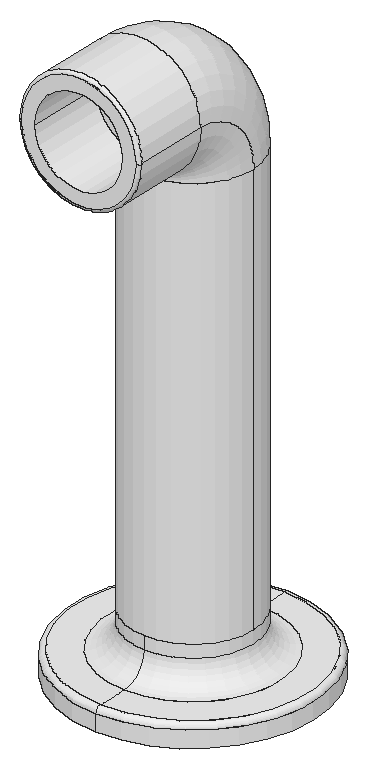
Revit family "Spout-American_Standard-Studio_S-8888_Series", category Plumbing Fixtures, host Face, Revit 2014
Parameters (values of type "8888.316")
  Width = 2 3/4"  # constant formula
  Water Connection Radius = 1/4"  # constant formula
  Water Connection Diameter = Water Connection Radius * 2  # 1/2"
  Waste Connection = yes
  Warranty Information = "Limited Lifetime Function and Finish Warranty"  # constant formula
  WFU = 4  # constant formula
  Vent Connection = no
  URL = "https://www.americanstandard-us.com/"
  Type Comments = ""
  Product Page URL = "https://www.americanstandard-us.com/bathroom/shower-faucets/studio-s-slip-on-diverter-tub-spout-32028"
  Price = "Prices may vary. Please consult Manufacturer Representative for most up-to-date price list."  # constant formula
  Pop-up handle = no
  Model = "8888.316"
  Material = "Metal-American Standard-002-Polished Chrome"
  Manufacturer = "American Standard"  # constant formula
  Length = 6 1/8"  # constant formula
  Installation Type = "Wall Mounted"  # constant formula
  HWFU = 3  # constant formula
  HW Connection = yes
  Finish = Metal-American Standard-002-Polished Chrome
  Description = "Studio S Slip-On Non-Diverter Tub Spout"
  Default Elevation = 21"  # constant formula
  Creation Date = "01/11/2018"  # constant formula
  CWFU = 3  # constant formula
  CW Connection = yes
  Assembly Code = "D2020300"
Types (5): name | Pop-up handle | Model | Description
  (no name) | no | "8888.316" | "Studio S Slip-On Non-Diverter Tub Spout"
  8888.316 | no | "8888.316" | "Studio S Slip-On Non-Diverter Tub Spout"
  8888.317 | no | "8888.317" | "Studio S Non-Diverter 1/2 IPS Tub Spout"
  8888.318 | yes | "8888.318" | "Studio S Slip-On-Diverter Tub Spout"
  8888.319 | yes | "8888.319" | "Studio S Diverter 1/2 IPS Tub Spout"
Reference planes (in)
  plane 1 "Center (Front/Back)": y = 0
  plane 2: z = 0
  plane 3 "Center (Left/Right)": x = 0
  plane 4: z = 6.125
  plane 5: y = -1.375
  plane 6: y = 1.375
Forms (in)
  Revolve 1, solid, material "Metal-American Standard-002-Polished Chrome" <- "Finish"
    sketch origin (0, 0, 0) x (0, 1, 0) y (0, 0, 1)
      loop
        line (-1.375, 0) -> (0, 0) -> (0, 0.67712) -> (-0.68766, 0.67712) -> (-0.68766, 0.5358)
        arc (-0.68766, 0.5358) -> (-0.77137, 0.33371) -> (-0.97346, 0.25) r 0.2858
        line (-0.97346, 0.25) -> (-1.3127, 0.25)
        arc (-1.3127, 0.25) -> (-1.35675, 0.23175) -> (-1.375, 0.1877) r 0.0623
        line (-1.375, 0.1877) -> (-1.375, 0)
      axis (0, 0.67712) -> (0, 0)
    angle from 0 to 360
  Sweep 2, solid, material "Metal-American Standard-002-Polished Chrome" <- "Finish"
    path origin (0, 0, 0) x (0, 1, 0) y (0, 0, 1)
      loop
        line (0, 0.67712) -> (0, 5.375)
        arc (0, 5.375) -> (-0.21967, 5.90533) -> (-0.75, 6.125) r 0.75
        line (-0.75, 6.125) -> (-1.62033, 6.125)
    profile origin (0, 0, 3.02606) x (0, -1, 0) y (1, 0, 0)
      loop
        circle (0, 0) r 0.68766
  Revolve 3, solid, material "Metal-American Standard-002-Polished Chrome" <- "Finish", visible <- "Pop-up handle"
    sketch origin (0, 22.29942, 1) x (0, 1, 0) y (0, 0, 1)
      loop
        line (-22.11317, 5.38267) -> (-22.11317, 5.125) -> (-21.1241, 5.125)
        arc (-21.1241, 5.125) -> (-21.12565, 5.24508) -> (-21.13979, 5.36434) r 1.14382
        arc (-21.13979, 5.36434) -> (-21.14732, 5.37748) -> (-21.16155, 5.38267) r 0.02208
        line (-21.16155, 5.38267) -> (-22.11317, 5.38267)
      axis (-22.11317, 5.125) -> (-21.1241, 5.125)
    angle from 0 to 360
  Sweep 4, void
    path origin (0, -1.62033, 6.125) x (1, 0, 0) y (0, 0, 1)
      loop
        circle (0, 0) r 0.68766
    profile origin (0, -1.62033, 5.43734) x (0, 0, -1) y (0, -1, 0)
      loop
        line (0, 0) -> (-0.03547, 0)
        arc (-0.03547, 0) -> (-0.01039, -0.01039) -> (0, -0.03547) r 0.03547
        line (0, -0.03547) -> (0, 0)
  Extrusion 5, void
    sketch origin (0, 0, 0) x (1, 0, 0) y (0, 0, 1)
      loop
        circle (0, 6.125) r 0.5
    from 0.76092 to 1.62033
Cuts and joins
  Sweep 4, Extrusion 5 cuts Revolve 1
  Sweep 4, Extrusion 5 cuts Sweep 2
  joined: Revolve 1, Sweep 2
Lines and regions (in)
  Masking region 1
    outline origin (0, 0, 0) x (1, 0, 0) y (0, 0, 1)
      loop
        line (1.375, 0) -> (1.375, 0.19153)
        arc (1.375, 0.19153) -> (1.35766, 0.23339) -> (1.3158, 0.25073) r 0.0592
        line (1.3158, 0.25073) -> (0.97708, 0.25073)
        arc (0.97708, 0.25073) -> (0.77391, 0.33489) -> (0.68975, 0.53806) r 0.28733
        line (0.68975, 0.53806) -> (0.68975, 6.125)
        arc (0.68975, 6.125) -> (0, 6.81475) -> (-0.68975, 6.125) r 0.68975
        line (-0.68975, 6.125) -> (-0.68975, 0.53806)
        arc (-0.68975, 0.53806) -> (-0.77391, 0.33489) -> (-0.97708, 0.25073) r 0.28733
        line (-0.97708, 0.25073) -> (-1.3158, 0.25073)
        arc (-1.3158, 0.25073) -> (-1.35766, 0.23339) -> (-1.375, 0.19153) r 0.0592
        line (-1.375, 0.19153) -> (-1.375, 0) -> (1.375, 0)
  symbolic lines, visible <- "Pop-up handle", detail levels medium+fine
    curve 1: circle (0, 0, 6.125) r 0.25 normal (0, -1, 0)
  symbolic lines, detail levels medium+fine
    curve 2: line (0.97708, 0, 0.25073) -> (-0.97708, 0, 0.25073)
Dimensions and locks (in)
  "Length": plane 2 to plane 4
  "Width": plane 6 to plane 5
  plane 1 "Center (Front/Back)" to cut or joined group of Revolve 1, Sweep 2, Sweep 4, Extrusion 5 = 1.62033"
  aligned and locked: plane 2 to host face
  aligned and locked: level to host face
  aligned and locked: Sweep 2 to Extrusion 5
Automatic sketch dimensions
  host sketch curve to host sketch curve = 96"  (x2)
  Revolve 1 sketch curve to plane 5 = 0"
  Revolve 1 sketch curve to plane 1 "Center (Front/Back)" = 0"  (x2)
  Revolve 1 sketch curve to level = 0"
  plane 5 to Revolve 1 sketch curve = 0.0623"
  plane 5 to Revolve 1 sketch curve = 0.40154"
  Revolve 1 sketch curve to Revolve 1 sketch curve = 0.2858"
  Revolve 1 sketch curve to Revolve 1 sketch curve = 0.1877"
  Revolve 1 sketch curve to Revolve 1 sketch curve = 0.14132"
  Revolve 1 sketch curve to plane 4 = 1.07908"
  Revolve 1 sketch curve to Revolve 1 sketch curve = 1/2"
  plane 4 to Sweep 2 sketch curve = 0"
  Sweep 2 sketch curve to plane 1 "Center (Front/Back)" = 0"
  plane 5 to Sweep 2 sketch curve = 5/8"
  Sweep 2 sketch curve to plane 5 = 0.24533"
  level to Sweep 2 sketch curve = 0.67712"
  Sweep 2 sketch curve to plane 3 "Center (Left/Right)" = 0"
  Sweep 2 sketch curve to profile plane = 0"
  plane 4 to Revolve 3 sketch curve = 0"  (x2)
  Revolve 3 sketch curve to plane 1 "Center (Front/Back)" = 0.03241"
  Revolve 3 sketch curve to Revolve 3 sketch curve = 0.15385"
  plane 6 to Revolve 3 sketch curve = 0.23712"
  plane 6 to Revolve 3 sketch curve = 0.19968"
  Revolve 3 sketch curve to plane 4 = 0.04527"
  Revolve 3 sketch curve to plane 4 = 0.23559"
  Revolve 3 sketch curve to plane 4 = 0.25767"
  Revolve 3 sketch curve to Revolve 3 sketch curve = 0.05313"
  Revolve 3 sketch curve to Revolve 3 sketch curve = 0.05014"
  profile plane to Sweep 4 sketch curve = 0"
  Sweep 4 sketch curve to Sweep 4 sketch curve = 0"  (x2)
  Sweep 4 sketch curve to profile plane = 0"  (x3)
  profile plane to Sweep 4 sketch curve = 0.03547"
  Extrusion 5 sketch curve to plane 3 "Center (Left/Right)" = 0"
  Extrusion 5 sketch curve to plane 4 = 0"
  Masking region 1 sketch curve to level = 0"
  Masking region 1 sketch curve to plane 4 = 0"
  Masking region 1 sketch curve to plane 3 "Center (Left/Right)" = 0"
  Masking region 1 sketch curve to Masking region 1 sketch curve = 0.68975"
  Masking region 1 sketch curve to Masking region 1 sketch curve = 0.33872"  (x2)
  Masking region 1 sketch curve to Masking region 1 sketch curve = 0.0592"  (x2)
  Masking region 1 sketch curve to Masking region 1 sketch curve = 0.28733"  (x2)
  level to Masking region 1 sketch curve = 0.19153"
  Masking region 1 sketch curve to Masking region 1 sketch curve = 0.19153"
  curve 1 to plane 3 "Center (Left/Right)" = 0"
  curve 1 to plane 4 = 0"
  level to curve 2 = 0.25073"
  curve 2 to plane 3 "Center (Left/Right)" = 0.97708"
  plane 3 "Center (Left/Right)" to curve 2 = 0.97708"
  radius of Sweep 2 sketch curve = 0.68766"
  radius of Sweep 4 sketch curve to Sweep 2 = 0"
  radius of Extrusion 5 sketch curve = 1/2"
  radius of curve 1 = 1/4"
Connectors (in)
  piping at (0, 0, 0), diameter 0.5, driven by "Water Connection Diameter"
    settings: on cut or joined group of Revolve 1, Sweep 2, Sweep 4, Extrusion 5, index 1, connector inside diameter 24", connector length 0", flow factor 0, pipe flow 0 GPM, pressure drop 0.00 psi, fitting loss kfactor 0, connector angle 0.00°, fixture units 0, engagement length 0", angle of deflection 0.00°, flow configuration 0, flow direction 1, fitting loss method 0, system type 29, joint type 0, gender type 0, connector reference index -1, connector utility 0, adjustable connector no, is connector primary yes, connector description "1/2\" Water Supply Inlet"
